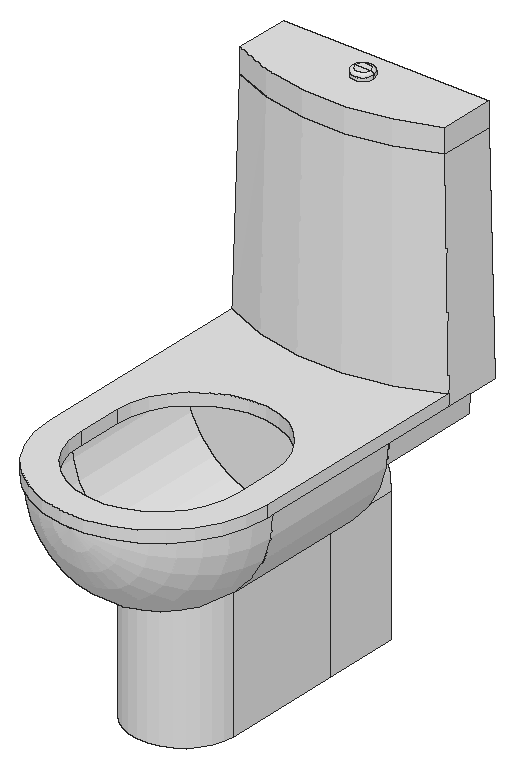
Revit family "Унитаз", category Мебель, Revit 2019
Family settings
  На основе рабочей плоскости = Нет
  Всегда вертикально = Да
  При загрузке вырезать с полостями = Нет
  Общий = Нет
  Точка расчета площади = Нет
Parameters (values of type "Унитаз")
  Материал слив = Материал слив
  Материал унитаз (корпус) = Материал унитаз (корпус)
  Изготовитель = "Литвинчук Артур"
  Assembly Code = ""
  URL = "lytvynchukartur@gmail.com"
Reference planes
  plane 1 "Center (Front/Back)": y = 0
  plane 2: z = 0
  plane 3 "Center (Left/Right)": x = 0
Forms (mm)
  Extrusion 1, solid, material "Материал унитаз (корпус)" <- "Материал унитаз (корпус)"
    sketch origin (0, -100, 400) x (1, 0, 0) y (0, 1, 0)
      loop
        line (-179.9, 5) -> (-179.9, -370.216)
        arc (-179.9, -370.216) -> (0.005, -550.122) -> (179.91, -370.216) r 179.905
        line (179.91, -370.216) -> (179.91, 5) -> (-179.9, 5)
      loop
        line (-128.493, -297.89) -> (-128.493, -372.093)
        arc (-128.493, -372.093) -> (1.507, -502.093) -> (131.507, -372.093) r 130
        line (131.507, -372.093) -> (131.507, -297.89)
        arc (131.507, -297.89) -> (1.507, -167.89) -> (-128.493, -297.89) r 130
    from -20 to 0
  Blend 2, solid, material "Материал унитаз (корпус)" <- "Материал унитаз (корпус)"
    base sketch origin (0, -124.9, 380) x (0, 0, -1) y (-1, 0, 0)
      loop
        arc (0, -180) -> (15.761, -179.209) -> (31.405, -177.138) r 193.77
        line (31.405, -177.138) -> (31.405, -150.665)
        arc (31.405, -150.665) -> (153.903, 0) -> (31.405, 150.665) r 153.903
        line (31.405, 150.665) -> (31.405, 177.138)
        arc (31.405, 177.138) -> (15.761, 179.209) -> (0, 180) r 193.77
        line (0, 180) -> (0, -180)
    top sketch origin (0, -124.9, 380) x (0, 0, -1) y (-1, 0, 0)
      loop
        line (0, 180) -> (0, -180)
        arc (0, -180) -> (15.761, -179.209) -> (31.405, -177.138) r 193.77
        line (31.405, -177.138) -> (31.405, -150.665)
        arc (31.405, -150.665) -> (107.291, 0) -> (31.405, 150.665) r 187.508
        line (31.405, 150.665) -> (31.405, 177.138)
        arc (31.405, 177.138) -> (15.761, 179.209) -> (0, 180) r 193.77
    from -95 to 74.9
  Revolve 3, solid, material "Материал унитаз (корпус)" <- "Материал унитаз (корпус)"
    sketch origin (-135.875, -100, 380) x (0, -1, 0) y (1, 0, 0)
      loop
        line (119.494, -18.028) -> (119.494, -44.025) -> (359.287, -44.025)
        arc (359.287, -44.025) -> (490.375, 8.047) -> (550, 135.875) r 191.038
        line (550, 135.875) -> (523.953, 135.875)
        arc (523.953, 135.875) -> (472.275, 26.71) -> (360.086, -18.028) r 165.042
        line (360.086, -18.028) -> (119.494, -18.028)
      axis (550, 135.875) -> (119.494, 135.875)
    angle from 0 to 180
  Sweep 4, solid, material "Материал унитаз (корпус)" <- "Материал унитаз (корпус)"
    path origin (0, -95, 0) x (1, 0, 0) y (0, 1, 0)
      loop
        line (-84.416, -124.9) -> (-84.416, -324.944)
        arc (-84.416, -324.944) -> (-0.099, -409.36) -> (84.415, -325.143) r 84.416
        line (84.415, -325.143) -> (84.415, -124.9)
    profile origin (0, -319.922, 0) x (1, 0, 0) y (0, 0, 1)
      loop
        line (-84.416, 0) -> (-58.435, 0) -> (-58.435, 219.393) -> (-84.416, 234.393) -> (-84.416, 0)
  Sweep 5, solid, material "Материал унитаз (корпус)" <- "Материал унитаз (корпус)"
    path origin (0, -95, 0) x (1, 0, 0) y (0, 1, 0)
      loop
        line (-58.435, -124.9) -> (-58.435, 0)
    profile origin (0, -157.45, 0) x (-1, 0, 0) y (0, 0, 1)
      loop
        line (84.416, 0.709) -> (84.416, 221.135)
        arc (84.416, 221.135) -> (79.629, 258.271) -> (67.208, 293.595) r 178.675
        line (67.208, 293.595) -> (57.208, 293.595) -> (57.208, 0.709) -> (84.416, 0.709)
  Sweep 6, solid, material "Материал унитаз (корпус)" <- "Материал унитаз (корпус)"
    path origin (0, -95, 0) x (-1, 0, 0) y (0, -1, 0)
      loop
        line (-58.435, 124.9) -> (-58.435, 0)
    profile origin (0, -157.45, 0) x (1, 0, 0) y (0, 0, 1)
      loop
        line (84.416, 0.709) -> (84.416, 221.135)
        arc (84.416, 221.135) -> (79.629, 258.271) -> (67.208, 293.595) r 178.675
        line (67.208, 293.595) -> (57.208, 293.595) -> (57.208, 0.709) -> (84.416, 0.709)
  Blend 7, solid, material "Материал унитаз (корпус)" <- "Материал унитаз (корпус)"
    base sketch origin (0, 0, 0) x (1, 0, 0) y (0, 1, 0)
      loop
        arc (-180, -95) -> (0, -140) -> (180, -95) r 382.5
        line (180, -95) -> (180, 0) -> (-180, 0) -> (-180, -95)
    top sketch origin (0, 0, 0) x (1, 0, 0) y (0, 1, 0)
      loop
        line (-170, 0) -> (-170, -90.146)
        arc (-170, -90.146) -> (0, -130) -> (170, -90.146) r 382.5
        line (170, -90.146) -> (170, 0) -> (-170, 0)
    from 380 to 750
  Extrusion 8, solid, material "Материал унитаз (корпус)" <- "Материал унитаз (корпус)"
    sketch origin (0, 0, 750) x (1, 0, 0) y (0, 1, 0)
      loop
        line (-170, 0) -> (-170, -90.146)
        arc (-170, -90.146) -> (0, -130) -> (170, -90.146) r 382.5
        line (170, -90.146) -> (170, 0) -> (-170, 0)
    from 0 to 40
  Revolve 9, solid, material "Материал унитаз (корпус)" <- "Материал унитаз (корпус)", detail levels medium+fine
    sketch origin (0, -47.5, 0) x (1, 0, 0) y (0, 0, 1)
      loop
        line (0, 790) -> (0, 800) -> (-12.5, 800)
        arc (-12.5, 800) -> (-16.036, 798.536) -> (-17.5, 795) r 5
        line (-17.5, 795) -> (-17.5, 790) -> (0, 790)
      axis (0, 800) -> (0, 790)
    angle from 0 to 360
  Extrusion 10, solid, material "Материал унитаз (корпус)" <- "Материал унитаз (корпус)"
    sketch origin (0, 0, 0) x (1, 0, 0) y (0, 1, 0)
      loop
        line (-57.208, -95) -> (-57.208, -110) -> (57.208, -110) -> (57.208, -95) -> (-57.208, -95)
    from 0 to 276.844
  Extrusion 11, solid, material "Материал унитаз (корпус)" <- "Материал унитаз (корпус)"
    sketch origin (0, -70.412, 0) x (-1, 0, 0) y (0, 0, 1)
      loop
        arc (-150.665, 348.595) -> (0, 226.097) -> (150.665, 348.595) r 153.903
        line (150.665, 348.595) -> (150.665, 380) -> (-150.665, 380) -> (-150.665, 348.595)
    from -157.518 to -149.489
  Extrusion 12, solid, material "Материал слив" <- "Материал слив"
    sketch origin (0, 0, 0) x (1, 0, 0) y (0, 1, 0)
      loop
        circle (-0.069, -309.908) r 45
    from 196.22 to 234.393
Lines and regions (mm)
  symbolic lines
    curve 1: line (-180, -485, 0) -> (-180, -115, 0)
    curve 2: arc (-180, -115, 0) -> (0, -160, 0) -> (180, -115, 0) r 382.5
    curve 3: line (180, -115, 0) -> (180, -485, 0)
    curve 4: arc (180, -485, 0) -> (0, -650, 0) -> (-180, -485, 0) r 180.682
    curve 5: arc (130, -365, 0) -> (0, -235, 0) -> (-130, -365, 0) r 130
    curve 6: line (-130, -365, 0) -> (-130, -495, 0)
    curve 7: arc (-130, -495, 0) -> (0, -605, 0) -> (130, -495, 0) r 131.818
    curve 8: line (130, -495, 0) -> (130, -365, 0)
    curve 9: line (40, -328.754, 0) -> (40, -354.8, 0)
    curve 10: arc (40, -354.8, 0) -> (0, -384.8, 0) -> (-40, -354.8, 0) r 41.667
    curve 11: line (-40, -354.8, 0) -> (-40, -318.726, 0)
    curve 12: line (-170, 0, 0) -> (-170, -110.146, 0)
    curve 13: arc (-170, -110.146, 0) -> (0, -150, 0) -> (170, -110.146, 0) r 382.5
    curve 14: line (170, -110.146, 0) -> (170, 0, 0)
    curve 17: line (-180, 0, 0) -> (0, 0, 0)
    curve 18: line (0, 0, 0) -> (180, 0, 0)
    curve 19: line (180, 0, 0) -> (180, -115, 0)
    curve 20: line (-180, -115, 0) -> (-180, 0, 0)
    curve 21: arc (40, -328.754, 0) -> (3.872, -292.849, 0) -> (-40, -318.726, 0) r 41.667
  symbolic lines, detail levels medium+fine
    curve 15: arc (-17.5, -75, 0) -> (0, -92.5, 0) -> (17.5, -75, 0) r 17.5
    curve 16: arc (17.5, -75, 0) -> (0, -57.5, 0) -> (-17.5, -75, 0) r 17.5
Dimensions and locks
  Extrusion 1 to plane 1 "Center (Front/Back)" = 650.121 mm
